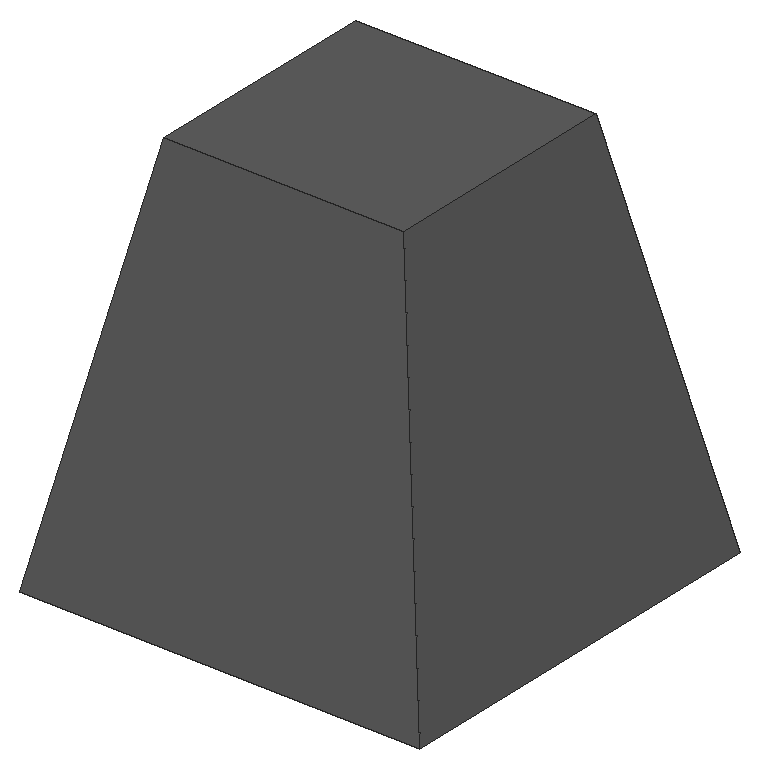
Revit family "ogranichitel_moskva", category Антураж, Revit 2017
Family settings
  На основе рабочей плоскости = Нет
  Всегда вертикально = Да
  При загрузке вырезать с полостями = Нет
  Источник визуального образа = Геометрия семейства
  Общий = Нет
  Точка расчета площади = Нет
Parameters (values of type ""Москва" Черный шелк")
  Ширина.Верх [instance] = 300 mm
  Ширина = 500 mm
  Производитель = "ГК Очаковский комбинат ЖБИ"  # constant formula
  Позиция = ""
  Поверхность = ""
  Площадь [instance] = 1.156 m²
  Описание изделия [instance] = "Ограничитель данного типа имеет лаконичную форму, строгие чёткие грани и относительно компактные размеры. Данный тип ограничителя отлично подчеркнёт технологичность и красоту современной архитектуры."
  Объем бетона = 0.083 m³
  Обозначение = ""
  Наименование = "Ограничитель \"Москва\""
  Морозостойкость [instance] = "F150"
  Материал = Очаковский_Черный_шелк
  Масса [instance] = 156.00 kg
  Класс бетона [instance] = "В30"
  Защитное покрытие [instance] = 0.786
  Длина.Верх [instance] = 300 mm
  Длина = 500 mm
  Watermarked By = ""
  Высота = 500 mm
  Водонепроницаемость [instance] = "W8"
  URL = "http://file-system.ru/catalog/blagoustroystvo/blagoustroystvo_goroda/ograzhdeniya/klassika/moskva_ogranichitel_/"
Types (8, lengths in mm): name | Материал | URL
  (no name) | Очаковский_Черный_шелк | "http://file-system.ru/catalog/blagoustroystvo/blagoustroystvo_goroda/ograzhdeniya/klassika/moskva_ogranichitel_/"
  "Москва" Белый шелк | Очаковский_Белый_Шелк | 0
  "Москва" Крымский берег | Очаковский_Крымский_берег | 0
  "Москва" Морская соль | Очаковский_Морская_соль | 0
  "Москва" Московский гравий | Очаковский_Московский_гравий | 0
  "Москва" Черный шелк | Очаковский_Черный_шелк | "http://file-system.ru/catalog/blagoustroystvo/blagoustroystvo_goroda/ograzhdeniya/klassika/moskva_ogranichitel_/"
  "Москва" Черный глянец | Очаковский_Черный_глянец | 0
  "Москва" Шахматка | Очаковский_Шахматка | 0
Reference planes
  plane 1 "По центру (Вперед/Назад)": y = 0
  plane 2: z = 0
  plane 3 "По центру (Влево/Вправо)": x = 0
  plane 4: z = 500
  plane 5: x = 250
  plane 6: x = -250
  plane 7: y = -250
  plane 8: y = 250
  plane 9: y = 150
  plane 10: y = -150
  plane 11: x = -150
  plane 12: x = 150
Forms (mm)
  Blend 1, solid, material "Очаковский_Черный_шелк" <- "Материал", detail levels medium+fine
    base sketch origin (0, 0, 0) x (1, 0, 0) y (0, 1, 0)
      loop
        line (-250, 250) -> (-250, -250) -> (250, -250) -> (250, 250) -> (-250, 250)
    top sketch origin (0, 0, 0) x (1, 0, 0) y (0, 1, 0)
      loop
        line (-150, 150) -> (-150, -150) -> (150, -150) -> (150, 150) -> (-150, 150)
    from 0 to 500
Dimensions and locks
  "Высота": plane 4 to plane 2
  equal spacing: plane 6, plane 3 "По центру (Влево/Вправо)", plane 5
  "Длина": plane 6 to plane 5
  equal spacing: plane 8, plane 1 "По центру (Вперед/Назад)", plane 7
  "Ширина": plane 8 to plane 7
  equal spacing: plane 11, plane 3 "По центру (Влево/Вправо)", plane 12
  equal spacing: plane 9, plane 1 "По центру (Вперед/Назад)", plane 10
  "Длина.Верх": plane 11 to plane 12
  "Ширина.Верх": plane 9 to plane 10
  aligned and locked: level to plane 2
  aligned and locked: plane 8 to Blend 1 sketch curve
  aligned and locked: Blend 1 sketch curve to plane 6
  aligned and locked: Blend 1 sketch curve to plane 7
  aligned and locked: plane 5 to Blend 1 sketch curve
  aligned and locked: Blend 1 sketch curve to plane 9
  aligned and locked: plane 10 to Blend 1 sketch curve
  aligned and locked: Blend 1 sketch curve to plane 12
  aligned and locked: plane 11 to Blend 1 sketch curve
  aligned and locked: Blend 1 to plane 4
  aligned and locked: plane 3 "По центру (Влево/Вправо)" to nested 1
  aligned and locked: plane 1 "По центру (Вперед/Назад)" to nested 1
Nested families
  nested 1: "МАФ Прямоугольный низкая дет" at (0, 0, 0), Высота <- "Высота", Длина <- "Длина", Ширина <- "Ширина", type "МАФ Прямоугольный низкая дет"
    with Ширина 500 mm, Длина 500 mm, Высота 500 mm
Definition of nested family "МАФ Прямоугольный низкая дет"
  Parameters (values of type "МАФ Прямоугольный низкая дет")
    Ширина [instance] = 200 mm
    Длина [instance] = 400 mm
    Высота [instance] = 600 mm
    Watermarked By = ""
    Type Comments = "﻿﻿​        ﻿﻿    ﻿﻿﻿   ﻿﻿﻿ ﻿     ﻿ ﻿   ﻿ ﻿   ﻿ ﻿     ​ ​ ​ ​     ​ ​                          ​  ​    ​           ​ ﻿           ﻿   ​           ​           ﻿        ​﻿﻿"
    Keynote = "﻿﻿​        ﻿﻿    ﻿﻿﻿   ﻿﻿﻿ ﻿     ﻿ ﻿   ﻿ ﻿   ﻿ ﻿     ​ ​ ​ ​     ​ ​                          ​  ​    ​           ​ ﻿           ﻿   ​           ​           ﻿        ​﻿﻿"
    Description = "﻿﻿​        ﻿﻿    ﻿﻿﻿   ﻿﻿﻿ ﻿     ﻿ ﻿   ﻿ ﻿   ﻿ ﻿     ​ ​ ​ ​     ​ ​                          ​  ​    ​           ​ ﻿           ﻿   ​           ​           ﻿        ​﻿﻿"
    Assembly Code = "﻿﻿​        ﻿﻿    ﻿﻿﻿   ﻿﻿﻿ ﻿     ﻿ ﻿   ﻿ ﻿   ﻿ ﻿     ​ ​ ​ ​     ​ ​                          ​  ​    ​           ​ ﻿           ﻿   ​           ​           ﻿        ​﻿﻿"
  Reference planes
    plane 1 "По центру (Вперед/Назад)": y = 0
    plane 2: z = 0
    plane 3 "По центру (Влево/Вправо)": x = 0
    plane 4: x = -200
    plane 5: x = 200
    plane 6: y = -100
    plane 7: y = 100
    plane 8: z = 600
  Forms (mm)
    Extrusion 1, solid, detail levels coarse
      sketch origin (0, 0, 0) x (1, 0, 0) y (0, 1, 0)
        loop
          line (-200, 100) -> (-200, -100) -> (200, -100) -> (200, 100) -> (-200, 100)
      from 0 to 600
  Dimensions and locks
    equal spacing: plane 6, plane 1 "По центру (Вперед/Назад)", plane 7
    "Ширина": plane 6 to plane 7
    equal spacing: plane 4, plane 3 "По центру (Влево/Вправо)", plane 5
    "Длина": plane 4 to plane 5
    "Высота": plane 8 to level
    aligned and locked: level to plane 2
    aligned and locked: Extrusion 1 sketch curve to plane 5
    aligned and locked: Extrusion 1 sketch curve to plane 7
    aligned and locked: Extrusion 1 sketch curve to plane 6
    aligned and locked: Extrusion 1 sketch curve to plane 4
    aligned and locked: plane 8 to Extrusion 1
  Automatic sketch dimensions
    Extrusion 1 sketch curve to plane 5 = 0 mm
